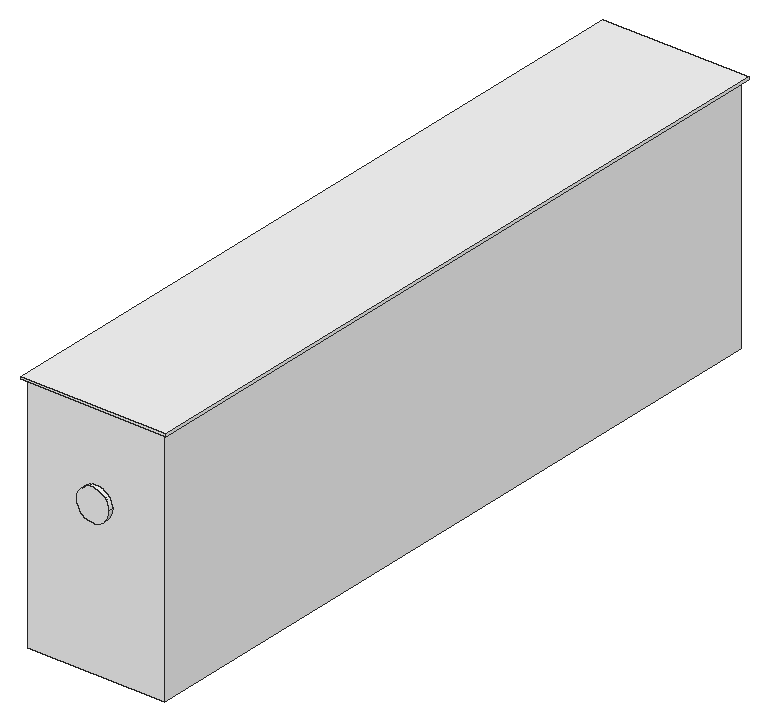
Revit family "Plumbing Fixture-Grease_Interseptor_Mifab_MI-SAND", category Plumbing Fixtures, host Face, Revit 2013
Parameters (values of type "MI-SAND-7")
  Water Capacity = "1013 Gallons"
  WFU = 0
  URL = "www.mifab.com"
  Standard Inlet And Outlet Radii = F / 2  # 4.000"
  Model = "MI-SAND-7"
  Manufacturer = "MIFAB"
  Interceptor Material = Acid Resistant Epoxy Coated Green
  F = 8.000"
  E = 60.000"
  Description = "Sand and Grit Interceptor"
  Default Elevation = 0.000"
  D = 38.000"
  C = 22.000"
  B = 36.000"
  Assembly Code = "D2090300"
  A = 180.000"
Types (8): name | Water Capacity | Standard Inlet And Outlet Radii | Model | F | A
  (no name) | "1013 Gallons" | 4.000" | "MI-SAND-7" | 8.000" | 180.000"
  MI-SAND-1 | "323 Gallons" | 2.000" | "MI-SAND-1" | 4.000" | 60.000"
  MI-SAND-2 | "405 Gallons" | 2.000" | "MI-SAND-2" | 4.000" | 72.000"
  MI-SAND-3 | "540Gallons" | 3.000" | "MI-SAND-3" | 6.000" | 96.000"
  MI-SAND-4 | "608 Gallons" | 3.000" | "MI-SAND-4" | 6.000" | 108.000"
  MI-SAND-5 | "700 Gallons" | 3.000" | "MI-SAND-5" | 6.000" | 120.000"
  MI-SAND-6 | "810 Gallons" | 4.000" | "MI-SAND-6" | 8.000" | 144.000"
  MI-SAND-7 | "1013 Gallons" | 4.000" | "MI-SAND-7" | 8.000" | 180.000"
Reference planes (in)
  plane 1 "Center (Front/Back)": y = 0
  plane 2: z = 0
  plane 3 "Center (Left/Right)": x = 0
  plane 4: x = -18
  plane 5: y = -90
  plane 6: y = 90
  plane 7: x = 18
  plane 8: z = -22
  plane 9: z = -60
  plane 10: z = -60
  plane 11: z = -0.1345
  plane 12: z = -59.8655
Forms (in)
  Extrusion 1, solid, material "Acid Resistant Epoxy Coated Green" <- "Interceptor Material"
    sketch origin (0, 0, 0) x (1, 0, 0) y (0, 1, 0)
      loop
        line (-18, 90) -> (-18, -90) -> (18, -90) -> (18, 90) -> (-18, 90)
    from 0 to -0.5
  Extrusion 2, solid, material "Acid Resistant Epoxy Coated Green" <- "Interceptor Material"
    sketch origin (0, 0, 0) x (1, 0, 0) y (0, 1, 0)
      loop
        line (-17, 89) -> (-17, -89) -> (17, -89) -> (17, 89) -> (-17, 89)
    from 0 to -60
  Extrusion 3, solid, material "Acid Resistant Epoxy Coated Green" <- "Interceptor Material"
    sketch origin (0, 0, 0) x (1, 0, 0) y (0, 0, 1)
      loop
        circle (0, -22) r 4
    from -90 to 90
Cuts and joins
  joined: Extrusion 1, Extrusion 2, Extrusion 3
Lines and regions (in)
  symbolic lines
    curve 1: line (-18, 90, 0) -> (18, 90, 0)
    curve 2: line (-18, -90, 0) -> (-18, 90, 0)
    curve 3: line (18, -90, 0) -> (-18, -90, 0)
    curve 4: line (18, 90, 0) -> (18, -90, 0)
Dimensions and locks (in)
  equal spacing: plane 4, plane 3 "Center (Left/Right)", plane 7
  equal spacing: plane 6, plane 1 "Center (Front/Back)", plane 5
  "B": plane 4 to plane 7
  "A": plane 6 to plane 5
  "C": host face to plane 8
  "D": plane 8 to plane 9
  "E": host face to plane 10
  equal spacing: Extrusion 2 sketch curve, plane 3 "Center (Left/Right)", Extrusion 2 sketch curve
  equal spacing: Extrusion 2 sketch curve, plane 1 "Center (Front/Back)", Extrusion 2 sketch curve
  Extrusion 2 sketch curve to plane 6 = 1.000"
  plane 4 to Extrusion 2 sketch curve = 1.000"
  locked: plane 12 to plane 10 at 0.1345
  locked: host face to plane 11 at 0.1345
  "F": diameter of Extrusion 3 sketch curve
  aligned and locked: host face to plane 2
  aligned and locked: host face to level
  aligned and locked: Extrusion 1 sketch curve to plane 6
  aligned and locked: Extrusion 1 sketch curve to plane 4
  aligned and locked: plane 5 to Extrusion 1 sketch curve
  aligned and locked: Extrusion 1 sketch curve to plane 7
  aligned and locked: Extrusion 2 to plane 9
  aligned and locked: Extrusion 3 to plane 5
  aligned and locked: plane 6 to Extrusion 3
  aligned and locked: Extrusion 3 to cut or joined group of Extrusion 1, Extrusion 2, Extrusion 3
  aligned and locked: curve 1 to plane 6
  aligned and locked: curve 2 to plane 4
  aligned and locked: plane 5 to curve 3
  aligned and locked: curve 4 to plane 7
Automatic sketch dimensions
  host sketch curve to host sketch curve = 145.19346"
  host sketch curve to host sketch curve = 252.94265"
  Extrusion 3 sketch curve to plane 3 "Center (Left/Right)" = 0.000"
  Extrusion 3 sketch curve to plane 8 = 0.000"
Connectors (in)
  piping at (0, 90, -22), driven by "Standard Inlet And Outlet Radii"
    settings: on cut or joined group of Extrusion 1, Extrusion 2, Extrusion 3, index 1, connector radius 4", flow factor 0, pipe flow 0 GPM, pressure drop 0.00 psi, fitting loss kfactor 0, connector angle 0.00°, fixture units 0, engagement length 0.000", flow configuration 0, flow direction 1, fitting loss method 0, system type 16, joint type 0, gender type 0, connector reference index -1, connector utility 0, adjustable connector no, is connector primary yes, fitting loss table "", connector description "In"
  piping at (0, -90, -22), driven by "Standard Inlet And Outlet Radii"
    settings: on cut or joined group of Extrusion 1, Extrusion 2, Extrusion 3, index 2, connector radius 4", flow factor 0, pipe flow 0 GPM, pressure drop 0.00 psi, fitting loss kfactor 0, connector angle 0.00°, fixture units 0, engagement length 0.000", flow configuration 0, flow direction 2, fitting loss method 0, system type 16, joint type 0, gender type 0, connector reference index -1, connector utility 0, adjustable connector no, is connector primary no, fitting loss table "", connector description "Out"
